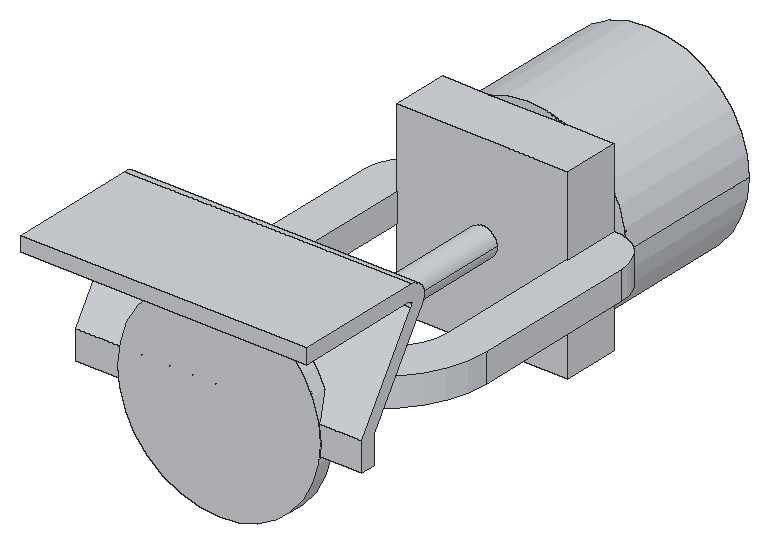
Revit family
Parameters (values of type "RASCO F156 HSW")
  Temperature Rating = 200 °F
  Response = (empty or 0)
  RASCO SIN # = "RA1335"
  RASCO Part # = "F56H2W"
  Pressure Rating = "175 PSI"
  Pressure Class = (empty or 0)
  Orifice Size = 1/2"
  Orifice = (empty or 0)
  Model = "F156"
  Manufacturer = "RASCO"
  K-Factor = 5.6
  Description = "White Finish"
  Coverage = (empty or 0)
Reference planes (in)
  plane 1 "Center (Front/Back)": y = 0
  plane 2: z = 0
  plane 3 "Center (Left/Right)": x = 0
Dimensions and locks (in)
  aligned and locked: plane 2 to level
Nested families (in)
  nested 1: "F56H2W" at (0, 0, 0), type "RASCO F156 HSW"
Connectors (in)
  piping at (-0.01236, 1.34926, 1.25584)
    settings: on nested 1, index 1, connector radius 55/128", flow factor 0, pipe flow 0 GPM, pressure drop 0.00 psi, fitting loss kfactor 0, connector angle 0.00°, fixture units 0, flow configuration 0, flow direction 0, fitting loss method 0, system type 7, connector reference index -1, connector utility 0, adjustable connector no, is connector primary yes, fitting loss table "", connector description ""
Definition of nested family "F56H2W"
  Parameters (values of type "RASCO F156 HSW")
    Type Comments = ""
    Temperature Rating = 0 °F
    Response = (empty or 0)
    Pressure Rating = "0"
    Pressure Class = (empty or 0)
    Orifice Size = 0"
    Orifice = (empty or 0)
    Model = ""
    Manufacturer = ""
    K-Factor = 0
    Description = ""
    Coverage = (empty or 0)
    Assembly Code = ""
  Reference planes (in)
    plane 1 "Center (Front/Back)": y = 0
    plane 2: z = 0
    plane 3 "ref.2": z = 0.6875
    plane 4 "ref.3": z = 0.9375
    plane 5: x = -0.38065
    plane 6: x = 0.36935
    plane 7 "ref. side 1": y = 0.06402
    plane 8 "ref. side 2": y = -0.06098
    plane 9 "ref.4": z = 1.875
    plane 10 "ref.5": z = 2.3125
    plane 11 "ref.6": z = 2.4375
    plane 12 "center": x = -0.00574
  Forms (in)
    Extrusion 1, solid
      sketch origin (-0.01236, 1.37309, 1.25584) x (-1, 0, 0) y (0, 0, -1)
        loop
          circle (0, 0) r 0.4379
      from 0.02383 to 0.6875
    Extrusion 2, solid
      sketch origin (0.10949, 0.68559, 1.20407) x (-1, 0, 0) y (0, 0, -1)
        loop
          line (-0.2588, 0.356) -> (-0.2588, -0.4565) -> (0.4912, -0.4565) -> (0.4912, 0.356) -> (-0.2588, 0.356)
      from 0 to 0.25
    Extrusion 3, solid
      sketch origin (-0.01236, 1.3722, 1.25584) x (-1, 0, 0) y (0, -1, 0)
        loop
          line (-0.38065, 0.68754) -> (-0.38065, 1.58397)
          arc (-0.38065, 1.58397) -> (-0.29541, 1.78976) -> (-0.08962, 1.875) r 0.29103
          line (-0.08962, 1.875) -> (0.07524, 1.875)
          arc (0.07524, 1.875) -> (0.28321, 1.78886) -> (0.36935, 1.58089) r 0.29411
          line (0.36935, 1.58089) -> (0.36935, 0.68751)
          arc (0.36935, 0.68751) -> (0.50207, 0.74393) -> (0.55685, 0.87734) r 0.18984
          line (0.55685, 0.87734) -> (0.55685, 1.61676)
          arc (0.55685, 1.61676) -> (0.42629, 1.93194) -> (0.11111, 2.0625) r 0.44574
          line (0.11111, 2.0625) -> (-0.12259, 2.0625)
          arc (-0.12259, 2.0625) -> (-0.43765, 1.932) -> (-0.56815, 1.61694) r 0.44556
          line (-0.56815, 1.61694) -> (-0.56815, 0.87876)
          arc (-0.56815, 0.87876) -> (-0.51345, 0.74486) -> (-0.38065, 0.68754) r 0.19126
      from -0.06402 to 0.06098
    Extrusion 4, solid
      sketch origin (-0.01236, 0.43559, 1.25584) x (1, 0, 0) y (0, 0, 1)
        loop
          circle (0.00574, -0.00152) r 0.0625
      from 0 to 0.9375
    Extrusion 5, solid
      sketch origin (-0.01236, -0.50191, 1.25584) x (1, 0, 0) y (0, 0, 1)
        loop
          circle (0.00574, -0.00152) r 0.1875
      from 0 to 0.4375
    Extrusion 6, solid
      sketch origin (-0.01236, -0.89954, 1.2504) x (-1, 0, 0) y (0, 0, 1)
        loop
          circle (-0.00574, -0.00152) r 0.44275
      from -0.10531 to -0.03987
    Extrusion 7, solid
      sketch origin (-0.00662, 1.2679, 1.26334) x (0, -1, 0) y (0, 0, 1)
        loop
          line (2.27263, -0.06402) -> (2.27263, 0.06098) -> (2.00466, 0.4658)
          arc (2.00466, 0.4658) -> (2.00382, 0.48409) -> (2.01953, 0.49348) r 0.01783
          line (2.01953, 0.49348) -> (2.57559, 0.49348) -> (2.57559, 0.55848) -> (2.00257, 0.55848)
          arc (2.00257, 0.55848) -> (1.94355, 0.52319) -> (1.9467, 0.4545) r 0.067
          line (1.9467, 0.4545) -> (2.20719, 0.06098) -> (2.20719, -0.06402) -> (2.27263, -0.06402)
      from -0.62515 to 0.62904
  Cuts and joins
    joined: Extrusion 1, Extrusion 2, Extrusion 4
